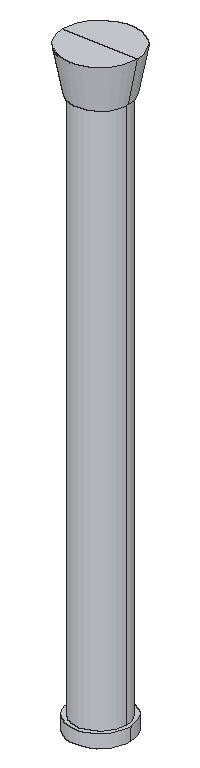
Revit family
Parameters (values of type "Height 700mm")
  Model = ""
  Manufacturer = "Revit"
  Leg Material = none
  Description = "Table Leg"
  Assembly Code = "E2020200"
Reference planes
  plane 1 "Center (Front/Back)": y = 0
  plane 2: z = 0
  plane 3 "Center (Left/Right)": x = 0
Forms (mm)
  Revolve 1, solid, material <- "Leg Material"
    sketch origin (0, 0, 0) x (1, 0, 0) y (0, 0, 1)
      loop
        line (0, 15) -> (0, 700) -> (-43, 700) -> (-33, 650) -> (-30, 650) -> (-30, 15) -> (0, 15)
      axis (0, 15) -> (0, 700)
    angle from 0 to 360
  Extrusion 2, solid, material <- "Leg Material"
    sketch origin (0, 0, 0) x (1, 0, 0) y (0, 1, 0)
      loop
        circle (0, 0) r 35
    from 0 to 15
Dimensions and locks
  aligned and locked: plane 3 "Center (Left/Right)" to Revolve 1 sketch curve
  aligned and locked: Revolve 1 to Extrusion 2
